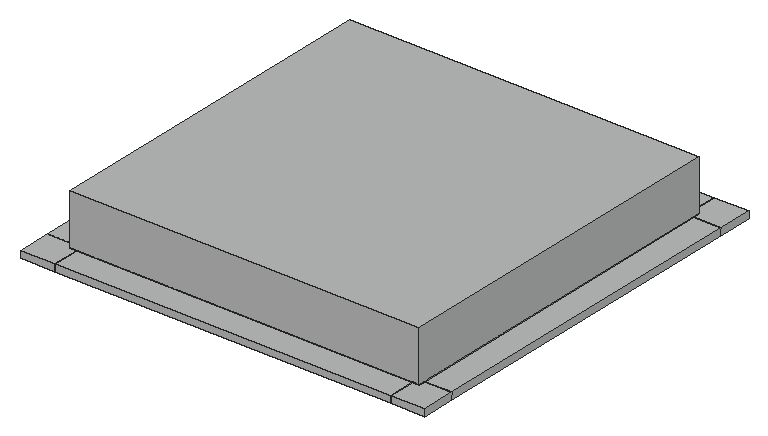
Revit family "ALUMOGIPS", category Осветительные приборы, Revit 2019 (continued)
Types (72, lengths in mm): name | Файл фотометрической сетки | built-in parameter 1150105 | Lumens | built-in parameter 1150106 | built-in parameter 1150142 | Wattage | Emit from Rectangle Width | Emit from Rectangle Length | Длина | Материал светильника | Ширина | ADSK_Ток | ADSK_Полная мощность | ADSK_Обозначение | ADSK_Номинальная мощность | ADSK_Наименование | ADSK_Масса | ADSK_Код изделия
  Alumogips-30/opal-sand 295х595 (IP40, 4000К, белый) | "Светильник ALUMOGIPS-30 OPAL-SAND-(295x595).IES" | 198.94 (stored number, unit not read) | 2500 lm | 1.9894 (stored number, unit not read) | "IESNA:LM-63-95\r\n[TEST] Протокол №80\r\n[DATA]26.06.2016\r\n[MORE] \r\n[MANUFAC] ЗАО \"Центрстройсвет\"\r\n[LUMCAT]  Светильник ALUMOGIPS-30/OPAL-SAND-(295x595)\r\n[LUMINAIRE]\r\n[LAMPCAT] Светодиоды\r\n[LAMP] Поток источника света (светодиодов) не известен\r\n[MORE] КСС приведена в абсолютных величинах кд\r\n[MORE] Вместо потока лампы, указан поток светильника.\r\nTILT=NONE\r\n1    2420 1.0 37 73 1 2 0.295 0.595 0.04\r\n1.0 1.0 28.9\r\n0.0 5.0 10.0 15.0 20.0 25.0 30.0 35.0 40.0 45.0 50.0 55.0 60.0 65.0 70.0 75.0 80.0 85.0 90.0 95.0 100.0 105.0 110.0 115.0 120.0 125.0 130.0 135.0 140.0 145.0 150.0 155.0 160.0 165.0 170.0 175.0 180.0\r\n0.0 5.0 10.0 15.0 20.0 25.0 30.0 35.0 40.0 45.0 50.0 55.0 60.0 65.0 70.0 75.0 80.0 85.0 90.0 95.0 100.0 105.0 110.0 115.0 120.0 125.0 130.0 135.0 140.0 145.0 150.0 155.0 160.0 165.0 170.0 175.0 180.0 185.0 190.0 195.0 200.0 205.0 210.0 215.0 220.0 225.0 230.0 235.0 240.0 245.0 250.0 255.0 260.0 265.0 270.0 275.0 280.0 285.0 290.0 295.0 300.0 305.0 310.0 315.0 320.0 325.0 330.0 335.0 340.0 345.0 350.0 355.0 360.0\r\n911.1 908.3 889.4 861.2 824.6 779.8 729.1 674.3 613.8 546.0 479.1 412.2 342.1 274.7 206.6 142.5 83.1 30.5 0.2 0.0 0.0 0.0 0.0 0.0 0.0 0.0 0.0 0.0 0.0 0.0 0.0 0.0 0.0 0.0 0.0 0.0 0.0\r\n911.1 908.3 890.4 862.2 826.0 781.2 730.0 673.5 610.8 545.9 478.1 412.0 343.0 274.6 207.5 142.8 83.4 31.1 0.3 0.0 0.0 0.0 0.0 0.0 0.0 0.0 0.0 0.0 0.0 0.0 0.0 0.0 0.0 0.0 0.0 0.0 0.0\r\n911.1 908.5 890.5 862.8 826.3 781.1 729.7 670.6 612.5 548.7 480.3 412.7 344.4 275.2 207.5 143.5 83.8 31.5 0.3 0.0 0.0 0.0 0.0 0.0 0.0 0.0 0.0 0.0 0.0 0.0 0.0 0.0 0.0 0.0 0.0 0.0 0.0\r\n911.1 909.2 889.7 860.5 825.1 782.3 731.0 672.5 613.1 547.3 478.2 411.8 342.9 275.2 208.3 143.7 83.9 31.8 0.3 0.0 0.0 0.0 0.0 0.0 0.0 0.0 0.0 0.0 0.0 0.0 0.0 0.0 0.0 0.0 0.0 0.0 0.0\r\n911.1 909.0 891.0 861.5 825.6 782.4 732.7 675.9 611.0 545.2 481.9 413.1 344.4 276.1 208.3 144.0 84.6 32.0 0.3 0.0 0.0 0.0 0.0 0.0 0.0 0.0 0.0 0.0 0.0 0.0 0.0 0.0 0.0 0.0 0.0 0.0 0.0\r\n911.1 908.9 890.1 863.3 826.9 783.2 729.2 673.9 611.8 547.8 480.9 414.1 343.8 275.8 208.6 144.4 85.0 32.4 0.3 0.0 0.0 0.0 0.0 0.0 0.0 0.0 0.0 0.0 0.0 0.0 0.0 0.0 0.0 0.0 0.0 0.0 0.0\r\n911.1 908.9 890.0 862.2 828.3 782.8 731.1 675.1 614.3 547.6 481.3 413.0 345.8 276.7 208.8 145.0 85.3 32.6 0.4 0.0 0.0 0.0 0.0 0.0 0.0 0.0 0.0 0.0 0.0 0.0 0.0 0.0 0.0 0.0 0.0 0.0 0.0\r\n911.1 908.5 891.5 865.2 825.7 780.8 732.5 674.6 615.0 551.3 482.1 414.1 345.1 277.4 208.6 145.5 85.5 33.2 0.5 0.0 0.0 0.0 0.0 0.0 0.0 0.0 0.0 0.0 0.0 0.0 0.0 0.0 0.0 0.0 0.0 0.0 0.0\r\n911.1 908.2 891.4 865.6 827.3 781.0 734.3 676.9 614.9 549.4 482.0 413.8 346.2 277.0 209.5 145.9 86.0 33.8 0.4 0.0 0.0 0.0 0.0 0.0 0.0 0.0 0.0 0.0 0.0 0.0 0.0 0.0 0.0 0.0 0.0 0.0 0.0\r\n911.1 908.7 891.0 864.3 829.6 784.0 732.9 673.2 614.9 550.2 484.5 414.8 346.4 277.8 210.5 146.4 87.2 33.9 0.6 0.0 0.0 0.0 0.0 0.0 0.0 0.0 0.0 0.0 0.0 0.0 0.0 0.0 0.0 0.0 0.0 0.0 0.0\r\n911.1 909.3 890.7 863.4 828.2 782.7 733.6 675.6 617.1 551.3 485.9 416.5 347.0 279.5 211.3 147.1 87.6 34.5 0.8 0.0 0.0 0.0 0.0 0.0 0.0 0.0 0.0 0.0 0.0 0.0 0.0 0.0 0.0 0.0 0.0 0.0 0.0\r\n911.1 908.7 892.5 864.0 829.2 784.2 733.3 676.9 615.6 551.9 484.7 416.9 348.3 279.6 211.6 148.3 88.1 35.0 0.9 0.0 0.0 0.0 0.0 0.0 0.0 0.0 0.0 0.0 0.0 0.0 0.0 0.0 0.0 0.0 0.0 0.0 0.0\r\n911.1 907.6 892.1 865.2 827.4 784.6 731.8 676.8 617.7 552.8 485.1 418.8 350.7 281.3 212.5 148.4 89.0 35.7 1.0 0.0 0.0 0.0 0.0 0.0 0.0 0.0 0.0 0.0 0.0 0.0 0.0 0.0 0.0 0.0 0.0 0.0 0.0\r\n911.1 907.1 892.1 864.5 830.2 788.3 733.6 677.4 617.3 552.0 487.9 420.8 349.8 281.3 213.4 149.2 89.9 36.2 1.3 0.0 0.0 0.0 0.0 0.0 0.0 0.0 0.0 0.0 0.0 0.0 0.0 0.0 0.0 0.0 0.0 0.0 0.0\r\n911.1 907.7 891.9 865.7 828.5 785.6 735.2 678.9 620.0 555.8 488.8 421.1 351.5 282.7 215.2 149.7 90.8 36.9 1.5 0.0 0.0 0.0 0.0 0.0 0.0 0.0 0.0 0.0 0.0 0.0 0.0 0.0 0.0 0.0 0.0 0.0 0.0\r\n911.1 907.8 891.0 864.8 830.1 786.1 738.7 679.4 616.5 556.6 490.6 420.2 352.4 284.5 215.4 151.3 91.1 37.6 1.5 0.0 0.0 0.0 0.0 0.0 0.0 0.0 0.0 0.0 0.0 0.0 0.0 0.0 0.0 0.0 0.0 0.0 0.0\r\n911.1 907.6 892.2 865.5 829.8 785.3 740.8 681.1 621.3 555.2 488.2 422.8 352.5 285.0 216.2 151.5 92.2 38.3 1.9 0.0 0.0 0.0 0.0 0.0 0.0 0.0 0.0 0.0 0.0 0.0 0.0 0.0 0.0 0.0 0.0 0.0 0.0\r\n911.1 907.4 892.1 866.1 829.8 787.6 737.3 681.4 621.4 556.0 491.1 422.7 354.9 284.7 217.1 152.4 93.0 39.4 2.0 0.0 0.0 0.0 0.0 0.0 0.0 0.0 0.0 0.0 0.0 0.0 0.0 0.0 0.0 0.0 0.0 0.0 0.0\r\n911.1 907.1 892.7 864.9 831.7 788.2 738.4 680.3 623.5 555.8 491.4 423.2 354.0 286.0 218.2 152.8 93.7 40.1 1.9 0.0 0.0 0.0 0.0 0.0 0.0 0.0 0.0 0.0 0.0 0.0 0.0 0.0 0.0 0.0 0.0 0.0 0.0\r\n911.1 907.4 892.3 867.6 830.6 789.2 737.9 683.1 622.5 558.1 492.5 424.4 355.9 287.7 219.1 154.3 94.7 40.4 2.5 0.0 0.0 0.0 0.0 0.0 0.0 0.0 0.0 0.0 0.0 0.0 0.0 0.0 0.0 0.0 0.0 0.0 0.0\r\n911.1 907.5 892.4 866.9 832.1 790.0 736.6 683.9 623.3 559.4 493.1 425.9 357.0 288.4 220.1 155.2 95.3 41.1 2.6 0.0 0.0 0.0 0.0 0.0 0.0 0.0 0.0 0.0 0.0 0.0 0.0 0.0 0.0 0.0 0.0 0.0 0.0\r\n911.1 906.9 893.0 866.2 832.9 789.5 740.6 686.4 622.6 558.9 494.6 425.2 357.7 289.6 220.8 156.1 95.8 41.9 2.6 0.0 0.0 0.0 0.0 0.0 0.0 0.0 0.0 0.0 0.0 0.0 0.0 0.0 0.0 0.0 0.0 0.0 0.0\r\n911.1 906.5 892.0 867.1 832.6 789.9 741.4 686.3 627.3 561.0 497.2 429.6 357.8 290.1 222.7 156.4 96.7 42.4 3.1 0.0 0.0 0.0 0.0 0.0 0.0 0.0 0.0 0.0 0.0 0.0 0.0 0.0 0.0 0.0 0.0 0.0 0.0\r\n911.1 906.8 892.3 868.3 834.8 789.8 739.1 686.9 625.0 562.3 496.2 428.6 359.5 290.7 222.5 158.0 97.5 42.6 3.4 0.0 0.0 0.0 0.0 0.0 0.0 0.0 0.0 0.0 0.0 0.0 0.0 0.0 0.0 0.0 0.0 0.0 0.0\r\n911.1 907.7 893.1 868.2 834.1 793.7 743.1 687.9 626.4 562.8 495.5 430.8 360.5 292.6 223.4 158.6 97.7 43.5 3.3 0.0 0.0 0.0 0.0 0.0 0.0 0.0 0.0 0.0 0.0 0.0 0.0 0.0 0.0 0.0 0.0 0.0 0.0\r\n911.1 908.2 893.8 868.2 835.6 793.6 743.3 688.3 626.0 564.5 498.1 431.2 361.0 293.4 224.3 158.9 98.6 44.0 3.5 0.0 0.0 0.0 0.0 0.0 0.0 0.0 0.0 0.0 0.0 0.0 0.0 0.0 0.0 0.0 0.0 0.0 0.0\r\n911.1 906.7 894.2 868.9 835.7 792.8 743.7 688.3 628.3 564.5 497.7 430.5 361.2 293.3 224.8 160.4 99.3 44.4 3.7 0.0 0.0 0.0 0.0 0.0 0.0 0.0 0.0 0.0 0.0 0.0 0.0 0.0 0.0 0.0 0.0 0.0 0.0\r\n911.1 906.5 894.7 867.9 834.7 795.0 744.2 689.6 630.1 566.4 499.6 431.8 363.0 294.1 225.6 160.8 100.0 45.1 3.6 0.0 0.0 0.0 0.0 0.0 0.0 0.0 0.0 0.0 0.0 0.0 0.0 0.0 0.0 0.0 0.0 0.0 0.0\r\n911.1 906.5 895.1 869.9 835.9 794.8 744.6 690.7 627.4 566.4 500.2 432.4 364.0 294.7 227.0 161.2 100.6 45.6 3.8 0.0 0.0 0.0 0.0 0.0 0.0 0.0 0.0 0.0 0.0 0.0 0.0 0.0 0.0 0.0 0.0 0.0 0.0\r\n911.1 906.1 895.4 869.1 835.9 794.7 746.0 689.6 630.7 566.6 499.6 432.7 363.1 295.7 227.9 161.9 100.9 46.3 4.0 0.0 0.0 0.0 0.0 0.0 0.0 0.0 0.0 0.0 0.0 0.0 0.0 0.0 0.0 0.0 0.0 0.0 0.0\r\n911.1 906.1 894.6 870.7 836.3 795.3 746.6 689.6 632.6 567.7 500.1 432.1 364.4 296.0 227.8 162.7 101.4 46.4 4.5 0.0 0.0 0.0 0.0 0.0 0.0 0.0 0.0 0.0 0.0 0.0 0.0 0.0 0.0 0.0 0.0 0.0 0.0\r\n911.1 906.3 895.6 868.8 835.5 793.2 745.3 690.7 630.8 568.5 500.6 433.3 364.7 295.8 227.5 162.6 101.3 46.8 4.6 0.0 0.0 0.0 0.0 0.0 0.0 0.0 0.0 0.0 0.0 0.0 0.0 0.0 0.0 0.0 0.0 0.0 0.0\r\n911.1 907.0 895.4 871.8 837.5 794.5 744.5 690.6 631.8 568.8 502.5 436.2 365.6 296.2 228.3 163.9 101.9 47.1 4.6 0.0 0.0 0.0 0.0 0.0 0.0 0.0 0.0 0.0 0.0 0.0 0.0 0.0 0.0 0.0 0.0 0.0 0.0\r\n911.1 907.6 895.4 871.8 839.2 796.0 747.1 690.6 629.6 567.5 501.4 434.5 365.7 297.2 228.8 163.4 102.4 47.5 4.6 0.0 0.0 0.0 0.0 0.0 0.0 0.0 0.0 0.0 0.0 0.0 0.0 0.0 0.0 0.0 0.0 0.0 0.0\r\n911.1 906.1 895.5 871.6 838.7 794.9 748.2 694.5 632.4 570.3 502.5 434.5 365.5 297.1 229.4 164.0 102.4 47.5 4.7 0.0 0.0 0.0 0.0 0.0 0.0 0.0 0.0 0.0 0.0 0.0 0.0 0.0 0.0 0.0 0.0 0.0 0.0\r\n911.1 904.8 895.9 869.8 836.7 797.2 747.1 691.9 633.4 569.5 503.4 435.1 366.2 298.1 229.3 163.6 102.3 47.2 4.3 0.0 0.0 0.0 0.0 0.0 0.0 0.0 0.0 0.0 0.0 0.0 0.0 0.0 0.0 0.0 0.0 0.0 0.0\r\n911.1 905.3 894.0 871.2 840.2 796.2 748.3 691.8 631.5 572.4 503.6 433.5 366.8 297.9 229.2 163.3 101.8 46.8 3.8 0.0 0.0 0.0 0.0 0.0 0.0 0.0 0.0 0.0 0.0 0.0 0.0 0.0 0.0 0.0 0.0 0.0 0.0\r\n911.1 906.0 894.9 870.9 837.1 795.0 745.7 693.0 630.8 569.0 503.7 436.4 366.4 297.7 229.8 163.4 101.8 46.5 3.4 0.0 0.0 0.0 0.0 0.0 0.0 0.0 0.0 0.0 0.0 0.0 0.0 0.0 0.0 0.0 0.0 0.0 0.0\r\n911.1 905.6 893.6 871.4 839.9 797.6 749.1 691.5 633.0 570.8 502.5 434.8 366.1 296.6 228.5 162.8 101.0 46.0 2.9 0.0 0.0 0.0 0.0 0.0 0.0 0.0 0.0 0.0 0.0 0.0 0.0 0.0 0.0 0.0 0.0 0.0 0.0\r\n911.1 905.5 894.6 871.9 838.0 794.6 747.0 692.0 634.0 569.3 502.9 435.5 366.8 296.4 228.8 163.2 101.1 46.1 2.8 0.0 0.0 0.0 0.0 0.0 0.0 0.0 0.0 0.0 0.0 0.0 0.0 0.0 0.0 0.0 0.0 0.0 0.0\r\n911.1 906.2 893.1 871.0 837.2 796.8 749.0 694.0 633.1 569.5 503.5 436.7 366.4 297.6 228.4 162.6 101.3 45.7 2.8 0.0 0.0 0.0 0.0 0.0 0.0 0.0 0.0 0.0 0.0 0.0 0.0 0.0 0.0 0.0 0.0 0.0 0.0\r\n911.1 905.4 893.6 869.9 837.0 796.8 747.6 692.4 634.5 568.4 503.4 433.2 365.8 296.2 227.1 162.3 100.7 45.6 2.7 0.0 0.0 0.0 0.0 0.0 0.0 0.0 0.0 0.0 0.0 0.0 0.0 0.0 0.0 0.0 0.0 0.0 0.0\r\n911.1 905.2 893.1 870.9 837.6 799.4 749.7 694.6 632.4 569.7 501.2 433.7 366.5 296.3 227.6 162.0 100.7 45.2 2.6 0.0 0.0 0.0 0.0 0.0 0.0 0.0 0.0 0.0 0.0 0.0 0.0 0.0 0.0 0.0 0.0 0.0 0.0\r\n911.1 905.6 892.8 867.9 836.3 795.3 747.6 693.8 632.3 568.8 503.5 433.9 364.4 295.4 227.4 162.1 100.2 45.0 2.6 0.0 0.0 0.0 0.0 0.0 0.0 0.0 0.0 0.0 0.0 0.0 0.0 0.0 0.0 0.0 0.0 0.0 0.0\r\n911.1 906.0 891.2 869.4 838.7 796.6 744.5 691.3 630.5 568.4 500.5 432.6 364.8 294.7 226.6 161.5 99.4 44.6 2.4 0.0 0.0 0.0 0.0 0.0 0.0 0.0 0.0 0.0 0.0 0.0 0.0 0.0 0.0 0.0 0.0 0.0 0.0\r\n911.1 906.3 892.3 868.8 836.4 794.7 746.4 690.6 628.4 567.4 501.0 433.5 364.4 294.7 226.3 161.5 99.1 44.1 2.3 0.0 0.0 0.0 0.0 0.0 0.0 0.0 0.0 0.0 0.0 0.0 0.0 0.0 0.0 0.0 0.0 0.0 0.0\r\n911.1 906.1 891.2 870.3 836.5 796.5 746.5 691.1 630.2 565.4 501.0 432.5 361.6 293.6 224.8 160.3 98.9 43.7 2.2 0.0 0.0 0.0 0.0 0.0 0.0 0.0 0.0 0.0 0.0 0.0 0.0 0.0 0.0 0.0 0.0 0.0 0.0\r\n911.1 906.7 892.3 869.5 834.4 794.2 744.3 688.5 631.3 567.2 500.0 431.6 362.1 292.6 224.4 159.4 98.3 43.1 2.1 0.0 0.0 0.0 0.0 0.0 0.0 0.0 0.0 0.0 0.0 0.0 0.0 0.0 0.0 0.0 0.0 0.0 0.0\r\n911.1 906.3 891.7 869.3 838.3 794.6 745.1 687.7 632.2 566.3 497.6 429.3 361.9 293.2 223.9 158.7 97.6 42.4 1.9 0.0 0.0 0.0 0.0 0.0 0.0 0.0 0.0 0.0 0.0 0.0 0.0 0.0 0.0 0.0 0.0 0.0 0.0\r\n911.1 906.6 891.2 870.7 835.8 791.7 742.2 688.7 628.2 564.3 497.8 429.8 361.0 291.5 223.5 157.7 97.3 42.0 1.8 0.0 0.0 0.0 0.0 0.0 0.0 0.0 0.0 0.0 0.0 0.0 0.0 0.0 0.0 0.0 0.0 0.0 0.0\r\n911.1 906.1 891.3 868.6 834.6 791.7 744.4 685.8 625.4 562.6 496.6 428.8 360.1 290.5 222.4 157.1 96.1 41.3 1.7 0.0 0.0 0.0 0.0 0.0 0.0 0.0 0.0 0.0 0.0 0.0 0.0 0.0 0.0 0.0 0.0 0.0 0.0\r\n911.1 905.2 892.6 868.1 835.0 791.5 742.2 686.7 625.4 563.1 497.3 427.9 358.4 290.7 221.2 155.8 95.6 40.8 1.5 0.0 0.0 0.0 0.0 0.0 0.0 0.0 0.0 0.0 0.0 0.0 0.0 0.0 0.0 0.0 0.0 0.0 0.0\r\n911.1 905.3 892.8 868.0 833.0 791.3 744.3 685.1 623.6 560.5 492.9 426.5 357.2 288.9 220.3 154.7 94.8 40.1 1.3 0.0 0.0 0.0 0.0 0.0 0.0 0.0 0.0 0.0 0.0 0.0 0.0 0.0 0.0 0.0 0.0 0.0 0.0\r\n911.1 906.6 890.8 868.3 833.0 790.4 741.1 685.4 624.1 560.7 492.9 424.1 356.4 288.9 219.7 154.0 93.5 39.4 1.2 0.0 0.0 0.0 0.0 0.0 0.0 0.0 0.0 0.0 0.0 0.0 0.0 0.0 0.0 0.0 0.0 0.0 0.0\r\n911.1 907.4 891.8 866.4 833.1 790.2 739.5 683.6 621.7 561.4 494.4 424.6 356.0 287.1 219.0 153.3 92.5 38.6 1.1 0.0 0.0 0.0 0.0 0.0 0.0 0.0 0.0 0.0 0.0 0.0 0.0 0.0 0.0 0.0 0.0 0.0 0.0\r\n911.1 907.0 891.7 867.9 832.2 788.0 736.3 683.3 623.7 556.4 492.1 424.3 353.3 286.6 217.1 152.4 91.9 37.8 0.8 0.0 0.0 0.0 0.0 0.0 0.0 0.0 0.0 0.0 0.0 0.0 0.0 0.0 0.0 0.0 0.0 0.0 0.0\r\n911.1 906.8 892.1 865.5 829.5 787.9 737.3 680.4 618.9 555.6 491.7 423.2 353.3 284.2 216.2 151.5 91.3 37.0 0.7 0.0 0.0 0.0 0.0 0.0 0.0 0.0 0.0 0.0 0.0 0.0 0.0 0.0 0.0 0.0 0.0 0.0 0.0\r\n911.1 906.0 890.4 864.7 830.5 788.2 737.8 682.0 618.5 554.8 489.2 421.0 352.5 282.8 214.0 149.9 90.1 36.6 0.6 0.0 0.0 0.0 0.0 0.0 0.0 0.0 0.0 0.0 0.0 0.0 0.0 0.0 0.0 0.0 0.0 0.0 0.0\r\n911.1 905.1 891.5 865.2 828.0 784.8 738.1 677.5 619.3 553.0 488.5 419.0 350.1 282.1 214.0 149.5 89.3 35.6 0.4 0.0 0.0 0.0 0.0 0.0 0.0 0.0 0.0 0.0 0.0 0.0 0.0 0.0 0.0 0.0 0.0 0.0 0.0\r\n911.1 906.0 891.6 863.4 826.4 784.8 735.2 679.4 616.1 553.3 487.5 418.1 349.5 281.2 213.4 148.4 88.5 34.8 0.3 0.0 0.0 0.0 0.0 0.0 0.0 0.0 0.0 0.0 0.0 0.0 0.0 0.0 0.0 0.0 0.0 0.0 0.0\r\n911.1 906.8 890.4 864.5 828.0 784.0 735.1 678.8 616.8 551.9 484.6 417.7 349.7 279.3 211.1 147.6 87.7 34.2 0.3 0.0 0.0 0.0 0.0 0.0 0.0 0.0 0.0 0.0 0.0 0.0 0.0 0.0 0.0 0.0 0.0 0.0 0.0\r\n911.1 907.5 888.8 862.0 826.9 780.2 732.3 675.0 614.9 551.2 485.3 416.4 346.6 278.8 211.6 146.2 86.7 33.6 0.2 0.0 0.0 0.0 0.0 0.0 0.0 0.0 0.0 0.0 0.0 0.0 0.0 0.0 0.0 0.0 0.0 0.0 0.0\r\n911.1 907.5 889.7 863.2 826.6 785.1 732.2 672.0 614.2 551.3 484.5 416.7 346.2 277.6 210.1 145.9 85.8 32.8 0.2 0.0 0.0 0.0 0.0 0.0 0.0 0.0 0.0 0.0 0.0 0.0 0.0 0.0 0.0 0.0 0.0 0.0 0.0\r\n911.1 907.3 890.1 863.9 825.1 780.0 730.7 678.4 612.1 549.9 481.9 414.5 344.9 276.9 209.3 145.1 85.2 32.3 0.1 0.0 0.0 0.0 0.0 0.0 0.0 0.0 0.0 0.0 0.0 0.0 0.0 0.0 0.0 0.0 0.0 0.0 0.0\r\n911.1 908.5 889.1 862.4 825.5 781.7 731.2 672.6 612.0 547.6 482.4 413.8 345.8 275.4 208.5 144.0 84.8 31.6 0.1 0.0 0.0 0.0 0.0 0.0 0.0 0.0 0.0 0.0 0.0 0.0 0.0 0.0 0.0 0.0 0.0 0.0 0.0\r\n911.1 908.0 889.3 861.7 824.9 780.9 731.0 672.8 611.9 545.5 481.0 411.8 343.3 274.8 207.7 143.4 84.0 31.2 0.1 0.0 0.0 0.0 0.0 0.0 0.0 0.0 0.0 0.0 0.0 0.0 0.0 0.0 0.0 0.0 0.0 0.0 0.0\r\n911.1 906.5 887.9 861.2 824.2 781.5 729.8 672.2 609.7 547.2 479.7 411.1 343.5 274.5 206.8 143.2 83.6 30.7 0.1 0.0 0.0 0.0 0.0 0.0 0.0 0.0 0.0 0.0 0.0 0.0 0.0 0.0 0.0 0.0 0.0 0.0 0.0\r\n911.1 906.8 888.0 859.9 826.4 781.3 727.9 671.1 610.9 546.9 478.6 411.5 342.5 274.4 207.1 142.8 83.0 30.3 0.1 0.0 0.0 0.0 0.0 0.0 0.0 0.0 0.0 0.0 0.0 0.0 0.0 0.0 0.0 0.0 0.0 0.0 0.0\r\n911.1 907.2 889.6 859.4 824.1 778.8 730.0 672.0 610.3 544.9 478.2 410.6 341.6 274.5 206.3 141.9 82.8 30.0 0.1 0.0 0.0 0.0 0.0 0.0 0.0 0.0 0.0 0.0 0.0 0.0 0.0 0.0 0.0 0.0 0.0 0.0 0.0\r\n911.1 908.0 888.9 861.7 823.7 778.6 726.6 673.0 609.3 546.3 478.0 409.7 341.7 273.2 206.1 141.7 82.2 29.9 0.0 0.0 0.0 0.0 0.0 0.0 0.0 0.0 0.0 0.0 0.0 0.0 0.0 0.0 0.0 0.0 0.0 0.0 0.0\r\n911.1 908.5 889.0 862.2 823.5 778.2 729.5 669.6 608.8 545.8 478.2 411.0 340.7 272.7 206.2 142.0 82.2 29.8 0.1 0.0 0.0 0.0 0.0 0.0 0.0 0.0 0.0 0.0 0.0 0.0 0.0 0.0 0.0 0.0 0.0 0.0 0.0\r\n911.1 908.3 889.7 863.3 826.0 781.1 728.4 671.9 608.5 545.7 478.5 410.8 342.7 273.4 205.7 141.8 82.4 30.1 0.2 0.0 0.0 0.0 0.0 0.0 0.0 0.0 0.0 0.0 0.0 0.0 0.0 0.0 0.0 0.0 0.0 0.0 0.0\r\n911.1 908.3 889.4 861.2 824.6 779.8 729.1 674.3 613.8 546.0 479.1 412.2 342.1 274.7 206.6 142.5 83.1 30.5 0.2 0.0 0.0 0.0 0.0 0.0 0.0 0.0 0.0 0.0 0.0 0.0 0.0 0.0 0.0 0.0 0.0 0.0 0.0\r\n" | 16.8303 W | 275 | 575 | 595 | RAL 9001 | 295 | 0.141777 A | 32.6087 VA | "Alumogips-30/opal-sand 295х595 (IP40, 4000К, белый)" | 30 W | "Встраиваемый светодиодный светильник Alumogips-30/opal-sand 295х595 (IP40, 4000К, белый)" | 1.3 | "ЦБ000007353"
